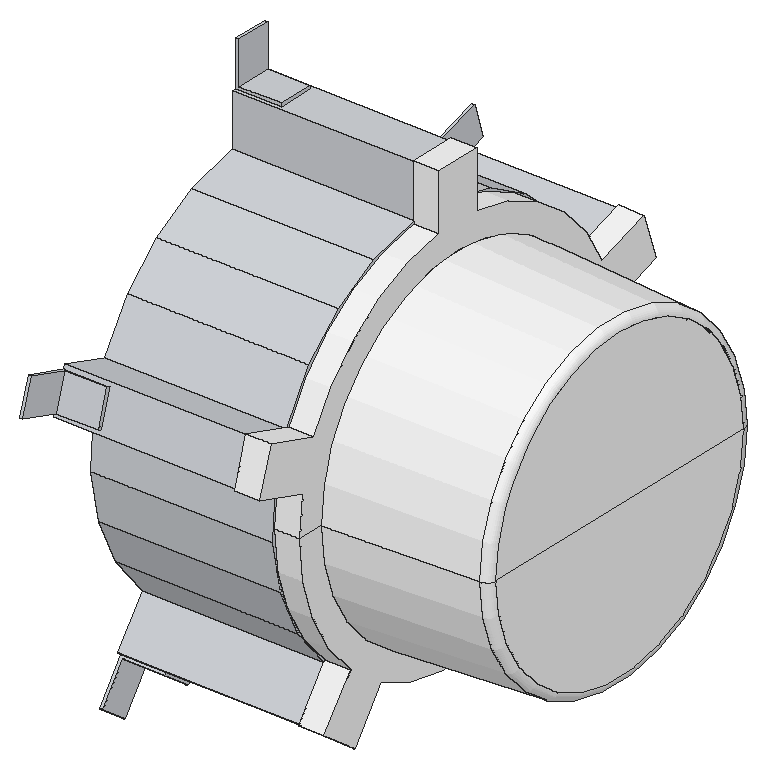
Revit family "200C", category Pipe Accessories, Revit 2021
Family settings
  Round Connector Dimension = Use Diameter
  Part Type = Breaks Into
  Work Plane-Based = No
  Always vertical = No
  Cut with Voids When Loaded = No
  Shared = No
Parameters
  URL = "http://www.snapcollars.com"
  Model = "200C"
  Manufacturer = "Snap Fire Systems"
  Description = "The 200C is a metal, cast-in fire collar for concrete slabs (See installation instructions for details)."
  Default Elevation = 0 mm
Reference planes
  plane 1 "Center (Front/Back)": y = 0
  plane 2: z = 0
  plane 3 "Center (Left/Right)": x = -209.633
  plane 4: x = -230
  plane 5: x = -203.768
  plane 6: y = 90.593
  plane 7: y = -50
  plane 8: y = 100.593
  plane 9: y = -60
  plane 10: x = -217.944
  plane 11: x = -79.975
  plane 12: y = 90.593
  plane 13: y = -50
  plane 14: y = 100.593
  plane 15: y = -60
  plane 16: x = -79.975
  plane 17: y = 0
Forms (mm)
  Revolve 1, solid, material "PVC-White", detail levels medium+fine
    sketch origin (0, 0, 0) x (1, 0, 0) y (0, 1, 0)
      loop
        line (-84.827, 0) -> (-212.327, 0) -> (-212.327, -116.5) -> (-212.327, -134.5) -> (-194.827, -134.5) -> (-194.827, -116.5) -> (-90.676, -111.3)
        arc (-90.676, -111.3) -> (-86.523, -109.395) -> (-84.827, -105.152) r 6.156
        line (-84.827, -105.152) -> (-84.827, 0)
      axis (-212.327, 0) -> (-84.827, 0)
    angle from 0 to 360
  Extrusion 2, solid, material "PVC-White", not visible, detail levels fine
    sketch origin (0, 0, 0) x (1, 0, 0) y (0, 0, 1)
      loop
        line (-80, 60.418) -> (-227.967, 86.048) -> (-227.967, 69.12) -> (-80, 60.418)
    from -1.5 to 1.5
  Extrusion 3, solid, material "PVC-White", not visible, detail levels fine
    sketch origin (0, 0, 0) x (1, 0, 0) y (0, -0.5, 0.866025)
      loop
        line (-80, 60.418) -> (-227.967, 86.048) -> (-227.967, 69.12) -> (-80, 60.418)
    from -1.5 to 1.5
  Extrusion 4, solid, material "PVC-White", not visible, detail levels fine
    sketch origin (0, 0, 0) x (1, 0, 0) y (0, -0.866025, 0.5)
      loop
        line (-80, 60.418) -> (-227.967, 86.048) -> (-227.967, 69.12) -> (-80, 60.418)
    from -1.5 to 1.5
  Extrusion 5, solid, material "PVC-White", not visible, detail levels fine
    sketch origin (0, 0, 0) x (0, -1, 0) y (-1, 0, 0)
      loop
        line (60.418, 80) -> (86.048, 227.967) -> (69.12, 227.967) -> (60.418, 80)
    from -1.5 to 1.5
  Extrusion 6, solid, material "PVC-White", not visible, detail levels fine
    sketch origin (0, 0, 0) x (1, 0, 0) y (0, -0.866025, -0.5)
      loop
        line (-80, 60.418) -> (-227.967, 86.048) -> (-227.967, 69.12) -> (-80, 60.418)
    from -1.5 to 1.5
  Extrusion 7, solid, material "PVC-White", not visible, detail levels fine
    sketch origin (0, 0, 0) x (1, 0, 0) y (0, -0.5, -0.866025)
      loop
        line (-80, 60.418) -> (-227.967, 86.048) -> (-227.967, 69.12) -> (-80, 60.418)
    from -1.5 to 1.5
  Extrusion 8, solid, material "PVC-White", not visible, detail levels fine
    sketch origin (0, 0, 0) x (1, 0, 0) y (0, 0, -1)
      loop
        line (-80, 60.418) -> (-227.967, 86.048) -> (-227.967, 69.12) -> (-80, 60.418)
    from -1.5 to 1.5
  Extrusion 9, solid, material "PVC-White", not visible, detail levels fine
    sketch origin (0, 0, 0) x (1, 0, 0) y (0, 0.5, -0.866025)
      loop
        line (-80, 60.418) -> (-227.967, 86.048) -> (-227.967, 69.12) -> (-80, 60.418)
    from -1.5 to 1.5
  Extrusion 10, solid, material "PVC-White", not visible, detail levels fine
    sketch origin (0, 0, 0) x (1, 0, 0) y (0, 0.866025, -0.5)
      loop
        line (-80, 60.418) -> (-227.967, 86.048) -> (-227.967, 69.12) -> (-80, 60.418)
    from -1.5 to 1.5
  Extrusion 11, solid, material "PVC-White", not visible, detail levels fine
    sketch origin (0, 0, 0) x (1, 0, 0) y (0, 1, 0)
      loop
        line (-80, 60.418) -> (-227.967, 86.048) -> (-227.967, 69.12) -> (-80, 60.418)
    from -1.5 to 1.5
  Extrusion 12, solid, material "PVC-White", not visible, detail levels fine
    sketch origin (0, 0, 0) x (1, 0, 0) y (0, 0.866025, 0.5)
      loop
        line (-80, 60.418) -> (-227.967, 86.048) -> (-227.967, 69.12) -> (-80, 60.418)
    from -1.5 to 1.5
  Extrusion 13, solid, material "PVC-White", not visible, detail levels fine
    sketch origin (0, 0, 0) x (1, 0, 0) y (0, 0.5, 0.866025)
      loop
        line (-80, 60.418) -> (-227.967, 86.048) -> (-227.967, 69.12) -> (-80, 60.418)
    from -1.5 to 1.5
  Extrusion 14, solid, material "PVC-White", not visible, detail levels medium+fine
    sketch origin (0, 0, 0) x (1, 0, 0) y (0, 0, 1)
      loop
        line (-312.827, 134.469) -> (-194.827, 134.469) -> (-194.827, 168.169) -> (-312.827, 168.169) -> (-312.827, 134.469)
    from -12 to 12
  Extrusion 15, solid
    sketch origin (-212.327, 0, 0) x (0, 0, -1) y (0, -1, 0)
      loop
        line (-134.98, -15) -> (-126.02, -49.895) -> (-109.653, -79.667) -> (-86.395, -104.434) -> (-55.977, -123.738) -> (-66.944, -157.491) -> (-38.412, -166.761) -> (-27.445, -133.008) -> (8.511, -135.271) -> (41.884, -128.904) -> (72.625, -114.439) -> (100.384, -91.474) -> (129.096, -112.335) -> (146.729, -88.064) -> (118.018, -67.204) -> (131.28, -33.707) -> (135.538, 0) -> (131.28, 33.707) -> (118.018, 67.204) -> (146.729, 88.064) -> (129.096, 112.335) -> (100.384, 91.474) -> (72.625, 114.439) -> (41.884, 128.904) -> (8.511, 135.271) -> (-27.445, 133.008) -> (-38.412, 166.761) -> (-66.944, 157.491) -> (-55.977, 123.738) -> (-86.395, 104.434) -> (-109.653, 79.667) -> (-126.02, 49.895) -> (-134.98, 15) -> (-170.469, 15) -> (-170.469, -15) -> (-134.98, -15)
    from 0 to 123.6
  Extrusion 16, solid, material "PVC-White", detail levels medium+fine
    sketch origin (-212.327, 0, 0) x (0, 0, 1) y (0, -1, 0)
      loop
        line (123.558, 16) -> (123.558, -16) -> (171.469, -16) -> (171.469, 16) -> (123.558, 16)
    from 0 to 17.5
  Extrusion 17, solid, material "PVC-White", not visible
    sketch origin (-212.327, 0, 0) x (0, 0, 1) y (0, -1, 0)
      loop
        line (114.72, 16) -> (114.72, -16) -> (171.469, -16) -> (171.469, 16) -> (114.72, 16)
    from 0 to 17.5
  Extrusion 18, solid, material "PVC-White", not visible
    sketch origin (-212.327, 0, 0) x (0, 0, 1) y (0, -1, 0)
      loop
        line (114.72, 16) -> (114.72, -16) -> (171.469, -16) -> (171.469, 16) -> (114.72, 16)
    from 0 to 17.5
  Extrusion 19, solid, material "PVC-White", not visible
    sketch origin (-212.327, 0, 0) x (0, 0.951057, 0.309017) y (0, -0.309017, 0.951057)
      loop
        line (114.72, 16) -> (114.72, -16) -> (171.469, -16) -> (171.469, 16) -> (114.72, 16)
    from 0 to 17.5
  Extrusion 20, solid, material "PVC-White", not visible
    sketch origin (-212.327, 0, 0) x (0, 0.587785, -0.809017) y (0, 0.809017, 0.587785)
      loop
        line (114.72, 16) -> (114.72, -16) -> (171.469, -16) -> (171.469, 16) -> (114.72, 16)
    from 0 to 17.5
  Extrusion 21, solid, material "PVC-White", not visible
    sketch origin (-212.327, 0, 0) x (0, -0.587785, -0.809017) y (0, 0.809017, -0.587785)
      loop
        line (114.72, 16) -> (114.72, -16) -> (171.469, -16) -> (171.469, 16) -> (114.72, 16)
    from 0 to 17.5
  Extrusion 22, solid, material "PVC-White", not visible
    sketch origin (-212.327, 0, 0) x (0, -0.951057, 0.309017) y (0, -0.309017, -0.951057)
      loop
        line (114.72, 16) -> (114.72, -16) -> (171.469, -16) -> (171.469, 16) -> (114.72, 16)
    from 0 to 17.5
  Revolve 23, solid, material "PVC-White", not visible, detail levels medium+fine
    sketch origin (0, 0, 0) x (1, 0, 0) y (0, 1, 0)
      loop
        line (-84.827, 0) -> (-212.327, 0) -> (-212.327, -116.5) -> (-212.327, -134.5) -> (-194.827, -134.5) -> (-194.827, -116.5) -> (-90.676, -111.3)
        arc (-90.676, -111.3) -> (-86.523, -109.395) -> (-84.827, -105.152) r 6.156
        line (-84.827, -105.152) -> (-84.827, 0)
      axis (-212.327, 0) -> (-84.827, 0)
    angle from 0 to 360
  Extrusion 24, solid, material "PVC-White", not visible
    sketch origin (-212.327, 0, 0) x (0, 0, 1) y (0, -1, 0)
      loop
        line (114.72, 16) -> (114.72, -16) -> (171.469, -16) -> (171.469, 16) -> (114.72, 16)
    from 0 to 17.5
  Extrusion 25, solid, material "PVC-White", not visible
    sketch origin (-212.327, 0, 0) x (0, 0.951057, 0.309017) y (0, -0.309017, 0.951057)
      loop
        line (114.72, 16) -> (114.72, -16) -> (171.469, -16) -> (171.469, 16) -> (114.72, 16)
    from 0 to 17.5
  Extrusion 26, solid, material "PVC-White", not visible
    sketch origin (-212.327, 0, 0) x (0, 0.587785, -0.809017) y (0, 0.809017, 0.587785)
      loop
        line (114.72, 16) -> (114.72, -16) -> (171.469, -16) -> (171.469, 16) -> (114.72, 16)
    from 0 to 17.5
  Extrusion 27, solid, material "PVC-White", not visible
    sketch origin (-212.327, 0, 0) x (0, -0.587785, -0.809017) y (0, 0.809017, -0.587785)
      loop
        line (114.72, 16) -> (114.72, -16) -> (171.469, -16) -> (171.469, 16) -> (114.72, 16)
    from 0 to 17.5
  Extrusion 28, solid, material "PVC-White", not visible
    sketch origin (-212.327, 0, 0) x (0, -0.951057, 0.309017) y (0, -0.309017, -0.951057)
      loop
        line (114.72, 16) -> (114.72, -16) -> (171.469, -16) -> (171.469, 16) -> (114.72, 16)
    from 0 to 17.5
  Extrusion 29, solid
    sketch origin (0, 0, 0) x (0, 0, -1) y (-1, 0, 0)
      loop
        line (-170.469, 335.927) -> (-201.469, 335.927) -> (-201.469, 333.927) -> (-172.469, 333.927) -> (-172.469, 304.927) -> (-170.469, 304.927) -> (-170.469, 335.927)
    from -12 to 12
  Extrusion 30, solid, not visible
    sketch origin (0, 0, 0) x (0, 0, -1) y (-1, 0, 0)
      loop
        line (-170.469, 335.927) -> (-201.469, 335.927) -> (-201.469, 333.927) -> (-172.469, 333.927) -> (-172.469, 304.927) -> (-170.469, 304.927) -> (-170.469, 335.927)
    from -12 to 12
  Extrusion 31, solid
    sketch origin (0, 0, 0) x (0, 0.951057, -0.309017) y (-1, 0, 0)
      loop
        line (-170.469, 335.927) -> (-201.469, 335.927) -> (-201.469, 333.927) -> (-172.469, 333.927) -> (-172.469, 304.927) -> (-170.469, 304.927) -> (-170.469, 335.927)
    from -12 to 12
  Extrusion 32, solid
    sketch origin (0, 0, 0) x (0, 0.587785, 0.809017) y (-1, 0, 0)
      loop
        line (-170.469, 335.927) -> (-201.469, 335.927) -> (-201.469, 333.927) -> (-172.469, 333.927) -> (-172.469, 304.927) -> (-170.469, 304.927) -> (-170.469, 335.927)
    from -12 to 12
  Extrusion 33, solid
    sketch origin (0, 0, 0) x (0, -0.587785, 0.809017) y (-1, 0, 0)
      loop
        line (-170.469, 335.927) -> (-201.469, 335.927) -> (-201.469, 333.927) -> (-172.469, 333.927) -> (-172.469, 304.927) -> (-170.469, 304.927) -> (-170.469, 335.927)
    from -12 to 12
  Extrusion 34, solid
    sketch origin (0, 0, 0) x (0, -0.951057, -0.309017) y (-1, 0, 0)
      loop
        line (-170.469, 335.927) -> (-201.469, 335.927) -> (-201.469, 333.927) -> (-172.469, 333.927) -> (-172.469, 304.927) -> (-170.469, 304.927) -> (-170.469, 335.927)
    from -12 to 12
  Extrusion 35, solid, material "PVC-White", detail levels medium+fine
    sketch origin (-212.327, 0, 0) x (0, -0.951057, 0.309017) y (0, -0.309017, -0.951057)
      loop
        line (123.558, 16) -> (123.558, -16) -> (171.469, -16) -> (171.469, 16) -> (123.558, 16)
    from 0 to 17.5
  Extrusion 36, solid, material "PVC-White", detail levels medium+fine
    sketch origin (-212.327, 0, 0) x (0, -0.587785, -0.809017) y (0, 0.809017, -0.587785)
      loop
        line (123.558, 16) -> (123.558, -16) -> (171.469, -16) -> (171.469, 16) -> (123.558, 16)
    from 0 to 17.5
  Extrusion 37, solid, material "PVC-White", detail levels medium+fine
    sketch origin (-212.327, 0, 0) x (0, 0.587785, -0.809017) y (0, 0.809017, 0.587785)
      loop
        line (123.558, 16) -> (123.558, -16) -> (171.469, -16) -> (171.469, 16) -> (123.558, 16)
    from 0 to 17.5
  Extrusion 38, solid, material "PVC-White", detail levels medium+fine
    sketch origin (-212.327, 0, 0) x (0, 0.951057, 0.309017) y (0, -0.309017, 0.951057)
      loop
        line (123.558, 16) -> (123.558, -16) -> (171.469, -16) -> (171.469, 16) -> (123.558, 16)
    from 0 to 17.5
Cuts and joins
  joined: Revolve 1, Extrusion 16, Extrusion 35, Extrusion 36, Extrusion 37, Extrusion 38
Lines and regions (mm)
  model lines
    curve 1: line (-194.827, 0, 134.469) -> (-194.827, 0, -140.728)
    curve 2: line (-194.827, -134.5, 0) -> (-194.827, 158.095, 0)
Dimensions and locks
  Extrusion 2 sketch curve to Extrusion 2 sketch curve = 0 mm
  Extrusion 3 sketch curve to Extrusion 3 sketch curve = 0 mm
  Extrusion 4 sketch curve to Extrusion 4 sketch curve = 0 mm
  Extrusion 5 sketch curve to Extrusion 5 sketch curve = 0 mm
  Extrusion 6 sketch curve to Extrusion 6 sketch curve = 0 mm
  Extrusion 7 sketch curve to Extrusion 7 sketch curve = 0 mm
  Extrusion 8 sketch curve to Extrusion 8 sketch curve = 0 mm
  Extrusion 9 sketch curve to Extrusion 9 sketch curve = 0 mm
  Extrusion 10 sketch curve to Extrusion 10 sketch curve = 0 mm
  Extrusion 11 sketch curve to Extrusion 11 sketch curve = 0 mm
  Extrusion 12 sketch curve to Extrusion 12 sketch curve = 0 mm
  Extrusion 13 sketch curve to Extrusion 13 sketch curve = 0 mm
  aligned and locked: level to plane 2
Connectors
  piping at (-217.944, 0, 0), diameter 250
    settings: on plane 10, index 4, connector inside diameter 609.6 mm, connector length 0 mm, flow factor 0, pipe flow 0.0 L/s, pressure drop 0.0 Pa, fitting loss kfactor 0, connector angle 0.00°, fixture units 0, engagement length 0 mm, angle of deflection 0.00°, flow configuration 0, flow direction 0, fitting loss method 0, system type 7, joint type 0, gender type 0, connector reference index -1, connector utility 0, adjustable connector no, is connector primary yes, connector description ""
  piping at (-203.768, 0, 0), diameter 250
    settings: on plane 5, index 5, connector inside diameter 609.6 mm, connector length 0 mm, flow factor 0, pipe flow 0.0 L/s, pressure drop 0.0 Pa, fitting loss kfactor 0, connector angle 0.00°, fixture units 0, engagement length 0 mm, angle of deflection 0.00°, flow configuration 0, flow direction 0, fitting loss method 0, system type 7, joint type 0, gender type 0, connector reference index -1, connector utility 0, adjustable connector no, is connector primary no, connector description ""
